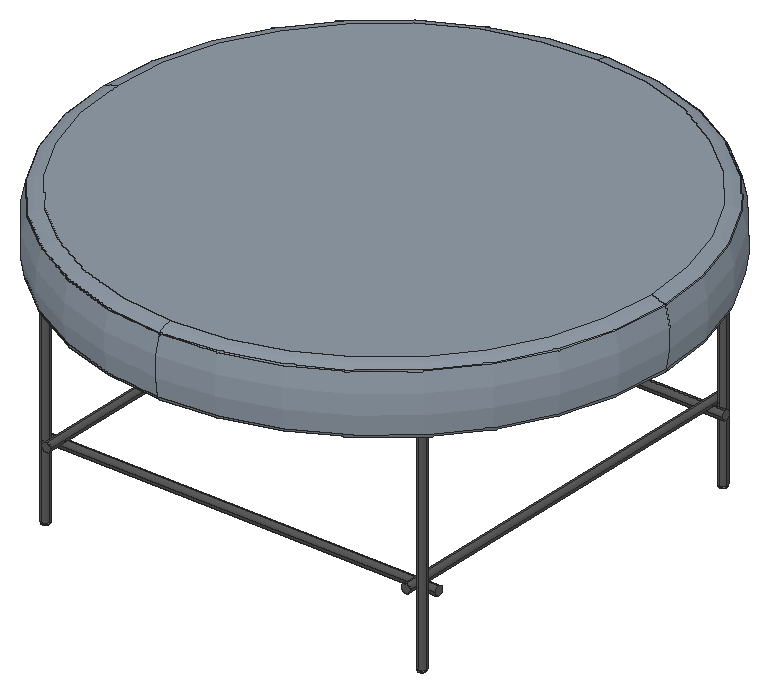
Revit family "FU_Modular_Sandler_NUC0030", category Furniture, Revit 2020
Family settings
  OmniClass Number = 23.40.20.00
  OmniClass Title = General Furniture and Specialties
  Work Plane-Based = No
  Always vertical = Yes
  Cut with Voids When Loaded = No
  Shared = No
  Room Calculation Point = No
Parameters (values of type "NUC0030")
  Width = 1000 mm
  URL = "https://www.sandlerseating.com/product/nuc-0030/"
  Seat [instance] = Fabric - Gravity - Frozen CPC27
  Model = "NUC 0030"
  Manufacturer = "Sandler"
  Height = 495 mm
  Frame [instance] = Epoxy - M1_B00 - Black
  Description = "Pouf on steel frame with upholstered seat. 100cm / 40″ diameter."
  Depth = 1000 mm
  Default Elevation = 0 mm
Reference planes
  plane 1 "Center (Front/Back)": y = 0
  plane 2: z = 0
  plane 3 "Center (Left/Right)": x = 0
  plane 4 "Right": x = -500
  plane 5 "Left": x = 500
  plane 6 "Back": y = 500
  plane 7 "Front": y = -500
  plane 8 "Height": z = 495
  plane 9 "Seat base": z = 380
  plane 10 "Right Inner": x = -468
  plane 11 "Front Inner": y = -468
  plane 12 "Left Inner": x = 468
  plane 13 "Back Inner": y = 468
Forms (mm)
  Extrusion 1, solid, material "Fabric - Gravity - Frozen CPC27" <- "Seat"
    sketch origin (0, 0, 380) x (-1, 0, 0) y (0, -1, 0)
      loop
        arc (-0.453, -468) -> (330.766, -331.086) -> (468, 0) r 468
        arc (468, 0) -> (331.039, 330.813) -> (0.321, 468) r 468
        arc (0.321, 468) -> (-331.009, 330.843) -> (-468, -0.555) r 468
        arc (-468, -0.555) -> (-330.89, -330.962) -> (-0.453, -468) r 468
    from 0 to 115
  Sweep 2, solid, material "Fabric - Gravity - Frozen CPC27" <- "Seat"
    path in 3D
      loop
        arc (-0.321, -468, 380) -> (331.009, -330.843, 380) -> (468, 0.555, 380) r 468
        arc (468, 0.555, 380) -> (330.89, 330.962, 380) -> (0.453, 468, 380) r 468
        arc (0.453, 468, 380) -> (-330.766, 331.086, 380) -> (-468, 0, 380) r 468
        arc (-468, 0, 380) -> (-331.039, -330.813, 380) -> (-0.321, -468, 380) r 468
    profile "Pro_NUC_SeatEdge : Pro_NUC_SeatEdge" origin (-331.039, -330.813, 380) x (-0.707349, -0.706864, 0) y (0, 0, -1)
      loop
        line (0, 0) -> (0, -115)
        arc (0, -115) -> (11.88, -111.875) -> (23.135, -106.955) r 79.354
        arc (23.135, -106.955) -> (23.241, -105.871) -> (24.284, -105.562) r 0.974
        arc (24.284, -105.562) -> (32.423, -56.759) -> (27.071, -7.573) r 181.389
        arc (27.071, -7.573) -> (23.523, -2.117) -> (17.37, 0) r 10
        line (17.37, 0) -> (0, 0)
Cuts and joins
  joined: Extrusion 1, Sweep 2
Lines and regions (mm)
  sketch lines
    curve 1: arc (-468, 0, 380) -> (-331.039, -330.813, 380) -> (-0.321, -468, 380) r 468
    curve 2: arc (0.453, 468, 380) -> (-330.766, 331.086, 380) -> (-468, 0, 380) r 468
    curve 3: arc (468, 0.555, 380) -> (330.89, 330.962, 380) -> (0.453, 468, 380) r 468
    curve 4: arc (-0.321, -468, 380) -> (331.009, -330.843, 380) -> (468, 0.555, 380) r 468
Dimensions and locks
  equal spacing: plane 4 "Right", plane 3 "Center (Left/Right)", plane 5 "Left"
  "Width": plane 4 "Right" to plane 5 "Left"
  equal spacing: plane 6 "Back", plane 1 "Center (Front/Back)", plane 7 "Front"
  "Depth": plane 6 "Back" to plane 7 "Front"
  "Height": plane 8 "Height" to level
  plane 8 "Height" to plane 9 "Seat base" = 115 mm
  locked: plane 6 "Back" to plane 13 "Back Inner" at 32
  locked: plane 4 "Right" to plane 10 "Right Inner" at 32
  locked: plane 11 "Front Inner" to plane 7 "Front" at 32
  locked: plane 12 "Left Inner" to plane 5 "Left" at 32
  aligned and locked: level to plane 2
  aligned and locked: plane 10 "Right Inner" to Extrusion 1 sketch curve
  aligned and locked: plane 1 "Center (Front/Back)" to Extrusion 1 sketch curve
  aligned and locked: plane 11 "Front Inner" to Extrusion 1 sketch curve
  aligned and locked: plane 12 "Left Inner" to Extrusion 1 sketch curve
  aligned and locked: plane 13 "Back Inner" to Extrusion 1 sketch curve
  aligned and locked: plane 8 "Height" to Extrusion 1
Automatic sketch dimensions
  Extrusion 1 sketch curve to plane 1 "Center (Front/Back)" = 0 mm
  plane 3 "Center (Left/Right)" to Extrusion 1 sketch curve = 0 mm
  Extrusion 1 sketch curve to Extrusion 1 sketch curve = 0 mm  (x5)
Nested families
  nested 1: "NUC_Frame" at (0, 0, 0), Frame <- "Frame", type "Frame 030"
    with Frame Epoxy - M1_B00 - Black
Definition of nested family "NUC_Frame"
  Parameters (values of type "Frame 030")
    Width = 758 mm
    URL = ""
    Model = ""
    Manufacturer = ""
    Height = 495 mm
    Frame [instance] = none
    Description = ""
    Depth = 758 mm
    Default Elevation = 0 mm
  Types (3, lengths in mm): name | Width | Depth
    Frame 030 | 758 | 758
    Frame 2 | 600 | 600
    Frame 1 | 400 | 400
  Reference planes
    plane 1 "Center (Front/Back)": y = 0
    plane 2: z = 0
    plane 3 "Center (Left/Right)": x = 0
    plane 4 "Right": x = -379
    plane 5 "Left": x = 379
    plane 6 "Back": y = 379
    plane 7 "Front": y = -379
    plane 8 "Height": z = 495
    plane 9 "Seat base": z = 380
    plane 10 "Cross Right TOP": x = -347.091
    plane 11 "Side Back TOP": y = 346.81
    plane 12 "RL CY TOP": x = -330.061
    plane 13 "RS C TOP": x = -314.848
    plane 14 "BL CX TOP": y = 329.755
    plane 15 "BC C TOP": y = 314.681
    plane 16 "Side Front TOP": y = -346.81
    plane 17 "FL CX TOP": y = -329.755
    plane 18 "FC C TOP": y = -314.229
    plane 19 "Cross Left TOP": x = 347.091
    plane 20 "FL CY TOP": x = 330.061
    plane 21 "LS C TOP": x = 315.785
    plane 22 "Glide FRONT": z = 5.5
    plane 23 "Cross C FRONT": z = 125.125
    plane 24 "Side C RIGHT": z = 132.455
  Forms (mm)
    Sweep 1, solid, material <- "Frame"
      path origin (0, 329.755, 0) x (1, 0, 0) y (0, 0, 1)
        loop
          line (-330.061, 5.5) -> (-330.061, 380)
      profile "Pro_Circles : 15mm" origin (-330.061, 329.755, 192.75) x (-1, 0, 0) y (0, -1, 0)
        loop
          arc (-7.467, 0.067) -> (-5.347, -5.252) -> (-0.067, -7.467) r 7.401
          arc (-0.067, -7.467) -> (5.3, -5.301) -> (7.467, 0.067) r 7.402
          arc (7.467, 0.067) -> (5.252, 5.347) -> (-0.067, 7.467) r 7.401
          arc (-0.067, 7.467) -> (-5.299, 5.299) -> (-7.467, 0.067) r 7.4
    Sweep 2, solid, material <- "Frame"
      path origin (0, -329.755, 0) x (1, 0, 0) y (0, 0, 1)
        loop
          line (-330.061, 5.5) -> (-330.061, 380)
      profile "Pro_Circles : 15mm" origin (-330.061, -329.755, 192.75) x (1, 0, 0) y (0, 1, 0)
        loop
          arc (7.467, 0.067) -> (5.299, 5.299) -> (0.067, 7.467) r 7.4
          arc (0.067, 7.467) -> (-5.252, 5.347) -> (-7.467, 0.067) r 7.401
          arc (-7.467, 0.067) -> (-5.3, -5.301) -> (0.067, -7.467) r 7.402
          arc (0.067, -7.467) -> (5.347, -5.252) -> (7.467, 0.067) r 7.401
    Sweep 3, solid, material <- "Frame"
      path origin (0, 329.755, 0) x (-1, 0, 0) y (0, 0, 1)
        loop
          line (-330.061, 5.5) -> (-330.061, 380)
      profile "Pro_Circles : 15mm" origin (330.061, 329.755, 192.75) x (-1, 0, 0) y (0, -1, 0)
        loop
          arc (7.467, 0.067) -> (5.299, 5.299) -> (0.067, 7.467) r 7.4
          arc (0.067, 7.467) -> (-5.252, 5.347) -> (-7.467, 0.067) r 7.401
          arc (-7.467, 0.067) -> (-5.3, -5.301) -> (0.067, -7.467) r 7.402
          arc (0.067, -7.467) -> (5.347, -5.252) -> (7.467, 0.067) r 7.401
    Sweep 4, solid, material <- "Frame"
      path origin (0, -329.755, 0) x (-1, 0, 0) y (0, 0, 1)
        loop
          line (-330.061, 5.5) -> (-330.061, 380)
      profile "Pro_Circles : 15mm" origin (330.061, -329.755, 192.75) x (1, 0, 0) y (0, 1, 0)
        loop
          arc (-7.467, 0.067) -> (-5.347, -5.252) -> (-0.067, -7.467) r 7.401
          arc (-0.067, -7.467) -> (5.3, -5.301) -> (7.467, 0.067) r 7.402
          arc (7.467, 0.067) -> (5.252, 5.347) -> (-0.067, 7.467) r 7.401
          arc (-0.067, 7.467) -> (-5.299, 5.299) -> (-7.467, 0.067) r 7.4
    Sweep 5, solid, material <- "Frame"
      path origin (0, 314.681, 0) x (1, 0, 0) y (0, 0, 1)
        loop
          line (-347.091, 125.125) -> (347.091, 125.125)
      profile "Pro_Circles : 15mm" origin (0, 314.681, 125.125) x (0, 0, 1) y (0, -1, 0)
        loop
          arc (-7.467, 0.067) -> (-5.347, -5.252) -> (-0.067, -7.467) r 7.401
          arc (-0.067, -7.467) -> (5.3, -5.301) -> (7.467, 0.067) r 7.402
          arc (7.467, 0.067) -> (5.252, 5.347) -> (-0.067, 7.467) r 7.401
          arc (-0.067, 7.467) -> (-5.299, 5.299) -> (-7.467, 0.067) r 7.4
    Sweep 6, solid, material <- "Frame"
      path origin (0, -314.229, 0) x (1, 0, 0) y (0, 0, 1)
        loop
          line (-347.091, 125.125) -> (347.091, 125.125)
      profile "Pro_Circles : 15mm" origin (0, -314.229, 125.125) x (0, 0, -1) y (0, 1, 0)
        loop
          arc (7.467, 0.067) -> (5.299, 5.299) -> (0.067, 7.467) r 7.4
          arc (0.067, 7.467) -> (-5.252, 5.347) -> (-7.467, 0.067) r 7.401
          arc (-7.467, 0.067) -> (-5.3, -5.301) -> (0.067, -7.467) r 7.402
          arc (0.067, -7.467) -> (5.347, -5.252) -> (7.467, 0.067) r 7.401
    Sweep 7, solid, material <- "Frame"
      path origin (0, 0, 132.455) x (0, -1, 0) y (1, 0, 0)
        loop
          line (346.81, -314.848) -> (-346.81, -314.848)
      profile "Pro_Circles : 15mm" origin (-314.848, 0, 132.455) x (-1, 0, 0) y (0, 0, 1)
        loop
          arc (-7.467, 0.067) -> (-5.347, -5.252) -> (-0.067, -7.467) r 7.401
          arc (-0.067, -7.467) -> (5.3, -5.301) -> (7.467, 0.067) r 7.402
          arc (7.467, 0.067) -> (5.252, 5.347) -> (-0.067, 7.467) r 7.401
          arc (-0.067, 7.467) -> (-5.299, 5.299) -> (-7.467, 0.067) r 7.4
    Sweep 8, solid, material <- "Frame"
      path origin (0, 0, 132.455) x (0, -1, 0) y (-1, 0, 0)
        loop
          line (346.81, -315.785) -> (-346.81, -315.785)
      profile "Pro_Circles : 15mm" origin (315.785, 0, 132.455) x (-1, 0, 0) y (0, 0, 1)
        loop
          arc (7.467, 0.067) -> (5.299, 5.299) -> (0.067, 7.467) r 7.4
          arc (0.067, 7.467) -> (-5.252, 5.347) -> (-7.467, 0.067) r 7.401
          arc (-7.467, 0.067) -> (-5.3, -5.301) -> (0.067, -7.467) r 7.402
          arc (0.067, -7.467) -> (5.347, -5.252) -> (7.467, 0.067) r 7.401
    Revolve 9, solid
      sketch origin (0, 329.755, 0) x (1, 0, 0) y (0, 0, 1)
        loop
          line (-337.073, 5.5) -> (-337.073, 2.935)
          arc (-337.073, 2.935) -> (-336.708, 1.769) -> (-335.742, 1.02) r 2.043
          arc (-335.742, 1.02) -> (-332.947, 0.256) -> (-330.061, -0.002) r 16.329
          line (-330.061, -0.002) -> (-330.061, 18.327) -> (-335.144, 18.327) -> (-335.144, 5.5) -> (-337.073, 5.5)
        axis (-330.061, 18.327) -> (-330.061, -0.002)
      angle from 0 to 360
    Revolve 10, solid
      sketch origin (0, 329.755, 0) x (-1, 0, 0) y (0, 0, 1)
        loop
          line (-337.073, 5.5) -> (-337.073, 2.935)
          arc (-337.073, 2.935) -> (-336.708, 1.769) -> (-335.742, 1.02) r 2.043
          arc (-335.742, 1.02) -> (-332.947, 0.256) -> (-330.061, -0.002) r 16.329
          line (-330.061, -0.002) -> (-330.061, 18.327) -> (-335.144, 18.327) -> (-335.144, 5.5) -> (-337.073, 5.5)
        axis (-330.061, 18.327) -> (-330.061, -0.002)
      angle from 0 to 360
    Revolve 11, solid
      sketch origin (0, -329.755, 0) x (1, 0, 0) y (0, 0, 1)
        loop
          line (337.073, 5.5) -> (335.144, 5.5) -> (335.144, 18.327) -> (330.061, 18.327) -> (330.061, -0.002)
          arc (330.061, -0.002) -> (332.947, 0.256) -> (335.742, 1.02) r 16.329
          arc (335.742, 1.02) -> (336.708, 1.769) -> (337.073, 2.935) r 2.043
          line (337.073, 2.935) -> (337.073, 5.5)
        axis (330.061, 18.327) -> (330.061, -0.002)
      angle from 0 to 360
    Revolve 12, solid
      sketch origin (0, -329.755, 0) x (1, 0, 0) y (0, 0, 1)
        loop
          line (-337.073, 5.5) -> (-337.073, 2.935)
          arc (-337.073, 2.935) -> (-336.708, 1.769) -> (-335.742, 1.02) r 2.043
          arc (-335.742, 1.02) -> (-332.947, 0.256) -> (-330.061, -0.002) r 16.329
          line (-330.061, -0.002) -> (-330.061, 18.327) -> (-335.144, 18.327) -> (-335.144, 5.5) -> (-337.073, 5.5)
        axis (-330.061, 18.327) -> (-330.061, -0.002)
      angle from 0 to 360
  Dimensions and locks
    equal spacing: plane 4 "Right", plane 3 "Center (Left/Right)", plane 5 "Left"
    "Width": plane 4 "Right" to plane 5 "Left"
    equal spacing: plane 6 "Back", plane 1 "Center (Front/Back)", plane 7 "Front"
    "Depth": plane 6 "Back" to plane 7 "Front"
    "Height": plane 8 "Height" to level
    plane 8 "Height" to plane 9 "Seat base" = 115 mm
    plane 6 "Back" to plane 11 "Side Back TOP" to plane 14 "BL CX TOP" to plane 15 "BC C TOP" = 32.19 mm locked, 17.055 mm locked, 15.074 mm locked
    plane 4 "Right" to plane 10 "Cross Right TOP" to plane 12 "RL CY TOP" to plane 13 "RS C TOP" = 31.909 mm locked, 17.03 mm locked, 15.213 mm locked
    plane 21 "LS C TOP" to plane 20 "FL CY TOP" to plane 19 "Cross Left TOP" to plane 5 "Left" = 14.275 mm locked, 17.03 mm locked, 31.909 mm locked
    plane 18 "FC C TOP" to plane 17 "FL CX TOP" to plane 16 "Side Front TOP" to plane 7 "Front" = 15.526 mm locked, 17.055 mm locked, 32.19 mm locked
    aligned and locked: level to plane 2
    aligned and locked: plane 9 "Seat base" to Sweep 1 sketch curve
    aligned and locked: plane 22 "Glide FRONT" to Sweep 1 sketch curve
    aligned and locked: plane 19 "Cross Left TOP" to Sweep 5 sketch curve
    aligned and locked: plane 10 "Cross Right TOP" to Sweep 5 sketch curve
    aligned and locked: plane 11 "Side Back TOP" to Sweep 7 sketch curve
    aligned and locked: plane 16 "Side Front TOP" to Sweep 7 sketch curve
  Automatic sketch dimensions
    plane 12 "RL CY TOP" to Sweep 1 sketch curve = 0 mm
    Sweep 2 sketch curve to plane 9 "Seat base" = 0 mm
    plane 12 "RL CY TOP" to Sweep 2 sketch curve = 0 mm
    Sweep 2 sketch curve to plane 22 "Glide FRONT" = 0 mm
    Sweep 3 sketch curve to plane 9 "Seat base" = 0 mm
    Sweep 3 sketch curve to plane 20 "FL CY TOP" = 0 mm
    Sweep 3 sketch curve to plane 22 "Glide FRONT" = 0 mm
    Sweep 4 sketch curve to plane 9 "Seat base" = 0 mm
    Sweep 4 sketch curve to plane 20 "FL CY TOP" = 0 mm
    Sweep 4 sketch curve to plane 22 "Glide FRONT" = 0 mm
    Sweep 5 sketch curve to plane 23 "Cross C FRONT" = 0 mm
    plane 10 "Cross Right TOP" to Sweep 6 sketch curve = 0 mm
    Sweep 6 sketch curve to plane 19 "Cross Left TOP" = 0 mm
    Sweep 6 sketch curve to plane 23 "Cross C FRONT" = 0 mm
    Sweep 7 sketch curve to plane 13 "RS C TOP" = 0 mm
    plane 11 "Side Back TOP" to Sweep 8 sketch curve = 0 mm
    Sweep 8 sketch curve to plane 16 "Side Front TOP" = 0 mm
    Sweep 8 sketch curve to plane 21 "LS C TOP" = 0 mm
    Revolve 9 sketch curve to plane 22 "Glide FRONT" = 0 mm
    plane 12 "RL CY TOP" to Revolve 9 sketch curve = 0 mm  (x2)
    plane 12 "RL CY TOP" to Revolve 9 sketch curve = 4.969 mm
    plane 12 "RL CY TOP" to Revolve 9 sketch curve = 5.083 mm
    Revolve 9 sketch curve to Revolve 9 sketch curve = 1.929 mm
    Revolve 9 sketch curve to plane 12 "RL CY TOP" = 0.006 mm
    Revolve 9 sketch curve to Revolve 9 sketch curve = 2.565 mm
    Revolve 9 sketch curve to level = 0.002 mm
    plane 22 "Glide FRONT" to Revolve 9 sketch curve = 10.827 mm
    Revolve 9 sketch curve to Revolve 9 sketch curve = 2 mm
    Revolve 9 sketch curve to Revolve 9 sketch curve = 3.769 mm
    Revolve 9 sketch curve to Revolve 9 sketch curve = 2.902 mm
    Revolve 10 sketch curve to plane 22 "Glide FRONT" = 0 mm
    Revolve 10 sketch curve to plane 20 "FL CY TOP" = 0 mm  (x2)
    Revolve 10 sketch curve to plane 20 "FL CY TOP" = 4.969 mm
    Revolve 10 sketch curve to plane 20 "FL CY TOP" = 5.083 mm
    Revolve 10 sketch curve to Revolve 10 sketch curve = 1.929 mm
    plane 20 "FL CY TOP" to Revolve 10 sketch curve = 0.006 mm
    plane 22 "Glide FRONT" to Revolve 10 sketch curve = 2.565 mm
    level to Revolve 10 sketch curve = 0.002 mm
    Revolve 10 sketch curve to plane 22 "Glide FRONT" = 10.827 mm
    Revolve 10 sketch curve to Revolve 10 sketch curve = 2 mm
    Revolve 10 sketch curve to Revolve 10 sketch curve = 3.769 mm
    Revolve 10 sketch curve to Revolve 10 sketch curve = 2.902 mm
    Revolve 11 sketch curve to plane 20 "FL CY TOP" = 0 mm  (x2)
    Revolve 11 sketch curve to plane 22 "Glide FRONT" = 0 mm
    plane 20 "FL CY TOP" to Revolve 11 sketch curve = 0.006 mm
    Revolve 11 sketch curve to plane 20 "FL CY TOP" = 4.969 mm
    Revolve 11 sketch curve to plane 20 "FL CY TOP" = 5.083 mm
    Revolve 11 sketch curve to Revolve 11 sketch curve = 1.929 mm
    plane 22 "Glide FRONT" to Revolve 11 sketch curve = 2.565 mm
    level to Revolve 11 sketch curve = 0.002 mm
    Revolve 11 sketch curve to plane 22 "Glide FRONT" = 10.827 mm
    Revolve 11 sketch curve to Revolve 11 sketch curve = 2 mm
    Revolve 11 sketch curve to Revolve 11 sketch curve = 3.769 mm
    Revolve 11 sketch curve to Revolve 11 sketch curve = 2.902 mm
    Revolve 12 sketch curve to plane 22 "Glide FRONT" = 0 mm
    plane 12 "RL CY TOP" to Revolve 12 sketch curve = 0 mm  (x2)
    Revolve 12 sketch curve to plane 12 "RL CY TOP" = 4.969 mm
    Revolve 12 sketch curve to plane 12 "RL CY TOP" = 5.083 mm
    Revolve 12 sketch curve to Revolve 12 sketch curve = 1.929 mm
    plane 12 "RL CY TOP" to Revolve 12 sketch curve = 0.006 mm
    Revolve 12 sketch curve to Revolve 12 sketch curve = 2.565 mm
    level to Revolve 12 sketch curve = 0.002 mm
    Revolve 12 sketch curve to plane 22 "Glide FRONT" = 10.827 mm
    Revolve 12 sketch curve to Revolve 12 sketch curve = 2 mm
    Revolve 12 sketch curve to Revolve 12 sketch curve = 3.769 mm
    Revolve 12 sketch curve to Revolve 12 sketch curve = 2.902 mm
